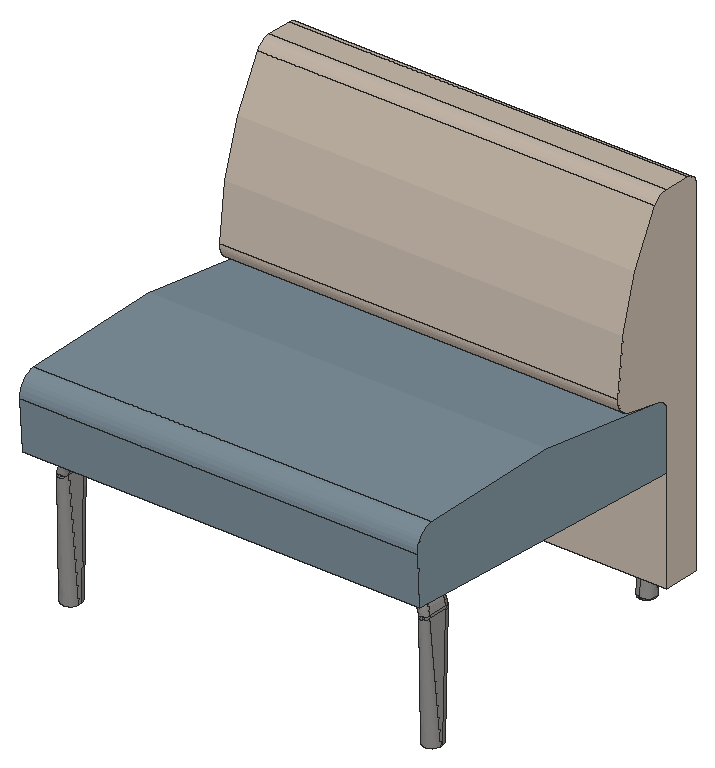
Revit family "FU_Modular_Sandler_Ambit 1040", category Furniture, Revit 2020
Family settings
  OmniClass Number = 23.40.20.00
  OmniClass Title = General Furniture and Specialties
  Work Plane-Based = No
  Always vertical = Yes
  Cut with Voids When Loaded = No
  Shared = No
  Room Calculation Point = No
Parameters (values of type "Ambit 1040")
  Width = 800 mm
  URL = "https://www.sandlerseating.com/product/ambit-1040/"
  Seat [instance] = Fabric - Mainline Flax - Epping MLF51
  Model = "Ambit 1040"
  Manufacturer = "Sandler"
  Height = 770 mm
  Frame [instance] = Metal - Paint -AL VR - Pewter
  Description = "Modular seating system. Upholstered seat and back, with feet in cast aluminium."
  Depth = 700 mm
  Default Elevation = 0 mm
  Back [instance] = Fabric - Gravity - Wheat CPC21
Reference planes
  plane 1 "Center (Front/Back)": y = 0
  plane 2: z = 0
  plane 3 "Center (Left/Right)": x = 0
  plane 4 "Right": x = -400
  plane 5 "Left": x = 400
  plane 6 "Back": y = 350
  plane 7 "Front": y = -350
  plane 8 "Height": z = 770
  plane 9 "Seat height": z = 430
Dimensions and locks
  equal spacing: plane 4 "Right", plane 3 "Center (Left/Right)", plane 5 "Left"
  "Width": plane 4 "Right" to plane 5 "Left"
  equal spacing: plane 6 "Back", plane 1 "Center (Front/Back)", plane 7 "Front"
  "Depth": plane 6 "Back" to plane 7 "Front"
  "Height": plane 8 "Height" to level
  plane 9 "Seat height" to level = 430 mm
  aligned and locked: level to plane 2
Nested families
  nested 1: "Ambit Seat" at (0, 0, 0), Frame <- "Frame", Seat <- "Seat", type "Seat 800mm"
    with Seat Fabric - Mainline Flax - Epping MLF51, Frame Metal - Paint -AL VR - Pewter
  nested 2: "Ambit SingleBack" at (0, 0, 0), Back <- "Back", Frame <- "Frame", type "Ambit SingleBack"
    with Frame Metal - Paint -AL VR - Pewter, Back Fabric - Gravity - Wheat CPC21
Definition of nested family "Ambit Seat"
  Parameters (values of type "Seat 800mm")
    Width = 800 mm
    URL = ""
    Seat [instance] = none
    Model = ""
    Manufacturer = ""
    Height = 770 mm
    Frame [instance] = none
    Description = "Modular seating system."
    Depth = 700 mm
    Default Elevation = 0 mm
  Types (3, lengths in mm): name | Width
    (no name) | 800
    Seat 800mm | 800
    Seat 1200mm | 1200
  Reference planes
    plane 1 "Center (Front/Back)": y = 0
    plane 2: z = 0
    plane 3 "Center (Left/Right)": x = 0
    plane 4 "Right": x = -400
    plane 5 "Left": x = 400
    plane 6 "Back": y = 350
    plane 7 "Front": y = -350
    plane 8 "Height": z = 770
    plane 9 "Seat height": z = 430
    plane 10 "FFT C RIGHT": z = 285.404
    plane 11 "Frame Left": x = -364
    plane 12 "Frame Right": x = 364
  Forms (mm)
    SweptBlend 1, solid, material <- "Frame"
      path origin (0, -265.648, 0) x (0, 0, -1) y (1, 0, 0)
        loop
          line (0, 364.075) -> (-239.72, 364.075)
      profile "Pro_Ambit_FFoot : Pro_Ambit_FFoot" origin (364.075, -265.648, 0) x (-1, 0, 0) y (0, -1, 0)
        loop
          arc (17.452, 3.305) -> (0, 20.142) -> (-17.452, 3.305) r 17.463
          line (-17.452, 3.305) -> (-17.452, -3.305)
          arc (-17.452, -3.305) -> (0, -20.142) -> (17.452, -3.305) r 17.463
          line (17.452, -3.305) -> (17.452, 3.305)
      end profile "Pro_Ambit_FF : Pro_Ambit_FF" origin (364.075, -265.648, 239.72) x (-1, 0, 0) y (0, -1, 0)
        loop
          arc (-10, -20.066) -> (0, -30.066) -> (10, -20.066) r 10
          line (10, -20.066) -> (10, 20.066)
          arc (10, 20.066) -> (0, 30.066) -> (-10, 20.066) r 10
          line (-10, 20.066) -> (-10, -20.066)
    Sweep 2, solid, material <- "Frame"
      path origin (0, -265.648, 0) x (0, 0, -1) y (1, 0, 0)
        loop
          line (-234.72, -364.14) -> (-239.72, -364.14)
          arc (-239.72, -364.14) -> (-272.419, -345.952) -> (-285.404, -310.86) r 53.912
          line (-285.404, -310.86) -> (-285.404, 310.86)
          arc (-285.404, 310.86) -> (-272.419, 345.952) -> (-239.72, 364.14) r 53.912
          line (-239.72, 364.14) -> (-234.72, 364.14)
      profile "Pro_Ambit_FF : Pro_Ambit_FF" origin (0, -265.648, 285.404) x (0, 0, 1) y (0, -1, 0)
        loop
          arc (-10, -20.066) -> (0, -30.066) -> (10, -20.066) r 10
          line (10, -20.066) -> (10, 20.066)
          arc (10, 20.066) -> (0, 30.066) -> (-10, 20.066) r 10
          line (-10, 20.066) -> (-10, -20.066)
    SweptBlend 3, solid, material <- "Frame"
      path origin (0, -265.648, 0) x (0, 0, -1) y (-1, 0, 0)
        loop
          line (0, 364.075) -> (-239.72, 364.075)
      profile "Pro_Ambit_FFoot : Pro_Ambit_FFoot" origin (-364.075, -265.648, 0) x (-1, 0, 0) y (0, -1, 0)
        loop
          line (-17.452, 3.305) -> (-17.452, -3.305)
          arc (-17.452, -3.305) -> (0, -20.142) -> (17.452, -3.305) r 17.463
          line (17.452, -3.305) -> (17.452, 3.305)
          arc (17.452, 3.305) -> (0, 20.142) -> (-17.452, 3.305) r 17.463
      end profile "Pro_Ambit_FF : Pro_Ambit_FF" origin (-364.075, -265.648, 239.72) x (-1, 0, 0) y (0, -1, 0)
        loop
          line (-10, 20.066) -> (-10, -20.066)
          arc (-10, -20.066) -> (0, -30.066) -> (10, -20.066) r 10
          line (10, -20.066) -> (10, 20.066)
          arc (10, 20.066) -> (0, 30.066) -> (-10, 20.066) r 10
    Extrusion 4, solid, material <- "Seat"
      sketch origin (-400, 0, 0) x (0, -1, 0) y (0, 0, 1)
        loop
          line (343.115, 289.761) -> (350.038, 388.028)
          arc (350.038, 388.028) -> (340.698, 416.645) -> (314.05, 430.647) r 40
          arc (314.05, 430.647) -> (24.831, 435.731) -> (-261.468, 394.425) r 1800.168
          arc (-261.468, 394.425) -> (-272.664, 387.398) -> (-277.031, 374.923) r 20
          line (-277.031, 374.923) -> (-277.031, 260.098) -> (343.115, 289.761)
      from -800 to 0
  Dimensions and locks
    equal spacing: plane 4 "Right", plane 3 "Center (Left/Right)", plane 5 "Left"
    "Width": plane 4 "Right" to plane 5 "Left"
    equal spacing: plane 6 "Back", plane 1 "Center (Front/Back)", plane 7 "Front"
    "Depth": plane 6 "Back" to plane 7 "Front"
    "Height": plane 8 "Height" to level
    plane 9 "Seat height" to level = 430 mm
    locked: plane 4 "Right" to plane 11 "Frame Left" at 36
    locked: plane 12 "Frame Right" to plane 5 "Left" at 36
    aligned and locked: level to plane 2
    aligned and locked: plane 4 "Right" to Extrusion 4
    aligned and locked: Extrusion 4 to plane 5 "Left"
  Automatic sketch dimensions
    SweptBlend 1 sketch curve to level = 0 mm
    SweptBlend 1 sketch curve to plane 10 "FFT C RIGHT" = 45.683 mm
    Sweep 2 sketch curve to plane 10 "FFT C RIGHT" = 0 mm
    Sweep 2 sketch curve to plane 10 "FFT C RIGHT" = 45.683 mm  (x2)
    Sweep 2 sketch curve to plane 10 "FFT C RIGHT" = 53.912 mm  (x2)
    Sweep 2 sketch curve to plane 4 "Right" = 89.14 mm
    Sweep 2 sketch curve to Sweep 2 sketch curve = 5 mm  (x2)
    SweptBlend 3 sketch curve to level = 0 mm
    plane 4 "Right" to SweptBlend 3 sketch curve = 35.925 mm
    plane 10 "FFT C RIGHT" to SweptBlend 3 sketch curve = 45.683 mm
    Extrusion 4 sketch curve to Extrusion 4 sketch curve = 20 mm
    plane 7 "Front" to Extrusion 4 sketch curve = 39.864 mm
    plane 7 "Front" to Extrusion 4 sketch curve = 6.885 mm
    Extrusion 4 sketch curve to plane 7 "Front" = 0.038 mm
    Extrusion 4 sketch curve to level = 1360.883 mm
    Extrusion 4 sketch curve to plane 10 "FFT C RIGHT" = 25.306 mm
    plane 10 "FFT C RIGHT" to Extrusion 4 sketch curve = 4.357 mm
    Extrusion 4 sketch curve to plane 9 "Seat height" = 55.077 mm
    Extrusion 4 sketch curve to plane 9 "Seat height" = 41.972 mm
    Extrusion 4 sketch curve to plane 9 "Seat height" = 39.161 mm
    Extrusion 4 sketch curve to Extrusion 4 sketch curve = 0 mm
    plane 5 "Left" to SweptBlend 1 sketch curve = 35.925 mm
    plane 5 "Left" to Sweep 2 sketch curve = 89.14 mm
    Extrusion 4 sketch curve to plane 6 "Back" = 92.969 mm
    plane 1 "Center (Front/Back)" to Extrusion 4 sketch curve = 137.907 mm
Definition of nested family "Ambit SingleBack"
  Parameters (values of type "Ambit SingleBack")
    Width = 800 mm
    URL = ""
    Model = ""
    Manufacturer = ""
    Height = 770 mm
    Frame [instance] = none
    Description = "Modular seating system."
    Depth = 700 mm
    Default Elevation = 0 mm
    Back [instance] = none
  Reference planes
    plane 1 "Center (Front/Back)": y = 0
    plane 2: z = 0
    plane 3 "Center (Left/Right)": x = 0
    plane 4 "Right": x = -400
    plane 5 "Left": x = 400
    plane 6 "Back": y = 350
    plane 7 "Front": y = -350
    plane 8 "Height": z = 770
    plane 9 "Seat height": z = 430
    plane 10 "B Leg C RIGHT": y = 313.961
    plane 11 "BL C TOP": x = 331.016
    plane 12 "BL Top RIGHT": z = 51.603
  Forms (mm)
    Revolve 1, solid, material <- "Frame"
      sketch origin (331.016, 0, 0) x (0, 1, 0) y (0, 0, 1)
        loop
          line (299.423, 40.637) -> (296.57, 2.1)
          arc (296.57, 2.1) -> (296.901, 0.817) -> (297.944, 0) r 2.065
          line (297.944, 0) -> (313.961, 0) -> (313.961, 48.022) -> (294.441, 48.022) -> (294.441, 46.076)
          arc (294.441, 46.076) -> (298.107, 44.432) -> (299.423, 40.637) r 5.065
        axis (313.961, 48.022) -> (313.961, 0)
      angle from 0 to 360
    Extrusion 2, solid, material <- "Frame"
      sketch origin (0, 0, 51.603) x (0, -1, 0) y (1, 0, 0)
        loop
          arc (-342.852, 290.046) -> (-342.258, 288.613) -> (-340.824, 288.019) r 2.027
          line (-340.824, 288.019) -> (-286.875, 288.019)
          arc (-286.875, 288.019) -> (-285.444, 288.611) -> (-284.852, 290.042) r 2.023
          line (-284.852, 290.042) -> (-284.852, 372.037)
          arc (-284.852, 372.037) -> (-285.431, 373.436) -> (-286.83, 374.016) r 1.978
          line (-286.83, 374.016) -> (-340.837, 374.016)
          arc (-340.837, 374.016) -> (-342.262, 373.426) -> (-342.852, 372.001) r 2.015
          line (-342.852, 372.001) -> (-342.852, 290.046)
      from -5.528 to 0
    Revolve 3, solid, material <- "Frame"
      sketch origin (-331.016, 0, 0) x (0, 1, 0) y (0, 0, -1)
        loop
          arc (299.423, -40.637) -> (298.107, -44.432) -> (294.441, -46.076) r 5.065
          line (294.441, -46.076) -> (294.441, -48.022) -> (313.961, -48.022) -> (313.961, 0) -> (297.944, 0)
          arc (297.944, 0) -> (296.901, -0.817) -> (296.57, -2.1) r 2.065
          line (296.57, -2.1) -> (299.423, -40.637)
        axis (313.961, -48.022) -> (313.961, 0)
      angle from 0 to 360
    Extrusion 4, solid, material <- "Frame"
      sketch origin (0, 0, 51.603) x (0, -1, 0) y (1, 0, 0)
        loop
          line (-342.852, -290.046) -> (-342.852, -372.001)
          arc (-342.852, -372.001) -> (-342.262, -373.426) -> (-340.837, -374.016) r 2.015
          line (-340.837, -374.016) -> (-286.83, -374.016)
          arc (-286.83, -374.016) -> (-285.431, -373.436) -> (-284.852, -372.037) r 1.978
          line (-284.852, -372.037) -> (-284.852, -290.042)
          arc (-284.852, -290.042) -> (-285.444, -288.611) -> (-286.875, -288.019) r 2.023
          line (-286.875, -288.019) -> (-340.824, -288.019)
          arc (-340.824, -288.019) -> (-342.258, -288.613) -> (-342.852, -290.046) r 2.027
      from -5.528 to 0
    Extrusion 5, solid, material <- "Back"
      sketch origin (400, 0, 0) x (0, -1, 0) y (0, 0, 1)
        loop
          line (-276.986, 51.603) -> (-276.986, 376.265)
          arc (-276.986, 376.265) -> (-272.236, 387.916) -> (-261.468, 394.425) r 20
          arc (-261.468, 394.425) -> (-221.889, 402.963) -> (-182.128, 410.609) r 1800.168
          arc (-182.128, 410.609) -> (-161.146, 423.03) -> (-153.367, 446.139) r 35
          arc (-153.367, 446.139) -> (-179.881, 606.219) -> (-247.561, 753.69) r 611.524
          arc (-247.561, 753.69) -> (-260.259, 765.652) -> (-277.153, 770) r 35
          line (-277.153, 770) -> (-330, 770)
          arc (-330, 770) -> (-344.142, 764.142) -> (-350, 750) r 20
          line (-350, 750) -> (-350, 51.603) -> (-276.986, 51.603)
      from 0 to 800
  Cuts and joins
    joined: Revolve 1, Extrusion 2
  Dimensions and locks
    equal spacing: plane 4 "Right", plane 3 "Center (Left/Right)", plane 5 "Left"
    "Width": plane 4 "Right" to plane 5 "Left"
    equal spacing: plane 6 "Back", plane 1 "Center (Front/Back)", plane 7 "Front"
    "Depth": plane 6 "Back" to plane 7 "Front"
    "Height": plane 8 "Height" to level
    plane 9 "Seat height" to level = 430 mm
    aligned and locked: level to plane 2
  Automatic sketch dimensions
    Revolve 1 sketch curve to level = 0 mm
    Revolve 1 sketch curve to plane 10 "B Leg C RIGHT" = 0 mm  (x2)
    Revolve 1 sketch curve to plane 10 "B Leg C RIGHT" = 14.538 mm
    level to Revolve 1 sketch curve = 1.947 mm
    Revolve 1 sketch curve to plane 10 "B Leg C RIGHT" = 15.332 mm
    Revolve 1 sketch curve to Revolve 1 sketch curve = 0.686 mm
    level to Revolve 1 sketch curve = 2.1 mm
    Revolve 1 sketch curve to Revolve 1 sketch curve = 4.982 mm
    Revolve 1 sketch curve to Revolve 1 sketch curve = 0.069 mm
    Revolve 1 sketch curve to plane 12 "BL Top RIGHT" = 10.966 mm
    Revolve 1 sketch curve to Revolve 1 sketch curve = 0.374 mm
    Revolve 1 sketch curve to plane 12 "BL Top RIGHT" = 3.581 mm
    Revolve 1 sketch curve to level = 4.899 mm
    plane 12 "BL Top RIGHT" to Revolve 1 sketch curve = 1.419 mm
    Extrusion 2 sketch curve to plane 6 "Back" = 7.148 mm
    Extrusion 2 sketch curve to Extrusion 2 sketch curve = 2.015 mm
    Extrusion 2 sketch curve to Extrusion 2 sketch curve = 2.027 mm
    Extrusion 2 sketch curve to plane 10 "B Leg C RIGHT" = 27.087 mm
    Extrusion 2 sketch curve to plane 10 "B Leg C RIGHT" = 27.131 mm
    Extrusion 2 sketch curve to Extrusion 2 sketch curve = 2.023 mm
    Extrusion 2 sketch curve to plane 11 "BL C TOP" = 42.997 mm
    plane 5 "Left" to Extrusion 2 sketch curve = 27.999 mm
    Revolve 3 sketch curve to level = 0 mm
    Revolve 3 sketch curve to plane 10 "B Leg C RIGHT" = 0 mm  (x2)
    Revolve 3 sketch curve to plane 10 "B Leg C RIGHT" = 14.538 mm
    level to Revolve 3 sketch curve = 1.947 mm
    Revolve 3 sketch curve to plane 10 "B Leg C RIGHT" = 15.332 mm
    Revolve 3 sketch curve to Revolve 3 sketch curve = 0.686 mm
    level to Revolve 3 sketch curve = 2.1 mm
    Revolve 3 sketch curve to Revolve 3 sketch curve = 4.982 mm
    Revolve 3 sketch curve to Revolve 3 sketch curve = 0.069 mm
    Revolve 3 sketch curve to plane 12 "BL Top RIGHT" = 10.966 mm
    Revolve 3 sketch curve to Revolve 3 sketch curve = 0.374 mm
    Revolve 3 sketch curve to Revolve 3 sketch curve = 1.946 mm
    plane 12 "BL Top RIGHT" to Revolve 3 sketch curve = 1.419 mm
    Revolve 3 sketch curve to level = 4.899 mm
    plane 6 "Back" to Extrusion 4 sketch curve = 7.148 mm
    Extrusion 4 sketch curve to Extrusion 4 sketch curve = 2.015 mm
    Extrusion 4 sketch curve to Extrusion 4 sketch curve = 2.027 mm
    plane 10 "B Leg C RIGHT" to Extrusion 4 sketch curve = 27.087 mm
    plane 10 "B Leg C RIGHT" to Extrusion 4 sketch curve = 27.131 mm
    Extrusion 4 sketch curve to Extrusion 4 sketch curve = 2.023 mm
    plane 4 "Right" to Extrusion 4 sketch curve = 111.981 mm
    plane 4 "Right" to Extrusion 4 sketch curve = 27.999 mm
    Extrusion 5 sketch curve to plane 6 "Back" = 0 mm
    Extrusion 5 sketch curve to plane 8 "Height" = 0 mm
    Extrusion 5 sketch curve to plane 12 "BL Top RIGHT" = 0 mm
    Extrusion 5 sketch curve to plane 9 "Seat height" = 2.863 mm
    plane 6 "Back" to Extrusion 5 sketch curve = 414.596 mm
    plane 10 "B Leg C RIGHT" to Extrusion 5 sketch curve = 16.039 mm
    Extrusion 5 sketch curve to plane 10 "B Leg C RIGHT" = 36.808 mm
    Extrusion 5 sketch curve to plane 10 "B Leg C RIGHT" = 36.975 mm
    Extrusion 5 sketch curve to Extrusion 5 sketch curve = 19.955 mm
    plane 9 "Seat height" to Extrusion 5 sketch curve = 15.052 mm
    Extrusion 5 sketch curve to Extrusion 5 sketch curve = 68.681 mm
    Extrusion 5 sketch curve to level = 1360.883 mm
    Extrusion 5 sketch curve to plane 9 "Seat height" = 55.077 mm
    Extrusion 5 sketch curve to Extrusion 5 sketch curve = 1.342 mm
    Extrusion 5 sketch curve to Extrusion 5 sketch curve = 35 mm
    Extrusion 5 sketch curve to Extrusion 5 sketch curve = 0 mm  (x3)
    plane 1 "Center (Front/Back)" to Extrusion 5 sketch curve = 137.907 mm
